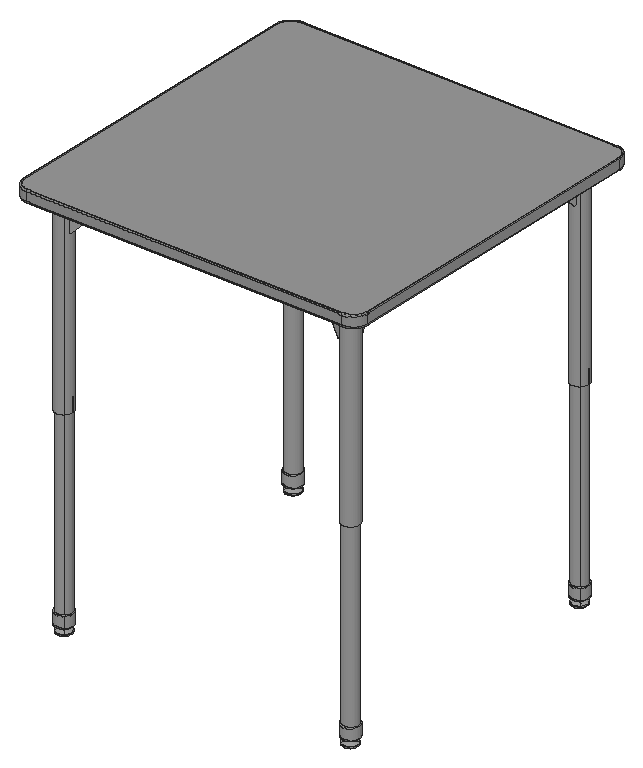
Revit family "Hierarchy Activity 36in Square Table - Standing Height", category Furniture, Revit 2018
Family settings
  Work Plane-Based = No
  Always vertical = Yes
  Cut with Voids When Loaded = No
  Shared = No
  Room Calculation Point = No
Parameters
  Table Height = 3' - 5"
  Surface = Hierarchy Activity 36" Square Table Standing Surface
  Leg Finish = Hierarchy Leg Platinum
  Edgeband = Hierarchy Activity 36" Square Table Standing Edgeband
  Caster/Glide = Hierarchy Standing Leg - Glide : Hierarchy Standing Leg - Glide
Reference planes (in)
  plane 1 "Center (Front/Back)": y = 0
  plane 2: z = 0
  plane 3 "Center (Left/Right)": x = 0
  plane 4: z = 41
Dimensions and locks (in)
  "Table Height": plane 4 to level
  aligned and locked: plane 2 to level
  aligned and locked: nested 1 to plane 4
Nested families (in)
  nested 1: "Activity 36x36 Tabletop" at (0, 0, 17.075), type "Activity 36x36 Tabletop"
  nested 2: "Hierarchy Standing Leg - Glide" at (-15, 15, 0) x (0.7071, 0.7071, 0) z (0, 0, 1), type <- "Caster/Glide", Leg Finish <- "Leg Finish", Leg Height <- "Table Height", type "Hierarchy Standing Leg - Glide"
  nested 3: "Hierarchy Standing Leg - Glide" at (-15, -15, 0) x (0.7071, -0.7071, 0) z (0, 0, 1), type <- "Caster/Glide", Leg Finish <- "Leg Finish", Leg Height <- "Table Height", type "Hierarchy Standing Leg - Glide"
  nested 4: "Hierarchy Standing Leg - Glide" at (15, 15, 0) x (-0.7071, 0.7071, 0) z (0, 0, 1), Leg Finish <- "Leg Finish", Leg Height <- "Table Height", type "Hierarchy Standing Leg - Glide"
    with Leg Height 3' - 5", Leg Finish Hierarchy Leg Platinum
  nested 5: "Hierarchy Standing Leg - Glide" at (15, -15, 0) x (-0.7071, -0.7071, 0) z (0, 0, 1), Leg Finish <- "Leg Finish", Leg Height <- "Table Height", type "Hierarchy Standing Leg - Glide"
    with Leg Height 3' - 5", Leg Finish Hierarchy Leg Platinum
Definition of nested family "Activity 36x36 Tabletop"
  Parameters (values of type "Activity 36x36 Tabletop")
    Surface = none
    Edgeband = none
  Reference planes (in)
    plane 1 "Center (Front/Back)": y = 0
    plane 2: z = 0
    plane 3 "Center (Left/Right)": x = 0
  Forms (in)
    Extrusion 1, solid, material <- "Surface"
      sketch origin (0, 0, 0) x (1, 0, 0) y (0, 1, 0)
        loop
          line (16.5, 17.88189) -> (-16.5, 17.88189)
          arc (-16.5, 17.88189) -> (-17.47714, 17.47714) -> (-17.88189, 16.5) r 1.38189
          line (-17.88189, 16.5) -> (-17.88189, -16.5)
          arc (-17.88189, -16.5) -> (-17.47714, -17.47714) -> (-16.5, -17.88189) r 1.38189
          line (-16.5, -17.88189) -> (16.5, -17.88189)
          arc (16.5, -17.88189) -> (17.47714, -17.47714) -> (17.88189, -16.5) r 1.38189
          line (17.88189, -16.5) -> (17.88189, 16.5)
          arc (17.88189, 16.5) -> (17.47714, 17.47714) -> (16.5, 17.88189) r 1.38189
      from 23.925 to 25.125
    Sweep 2, solid, material <- "Edgeband"
      path origin (0, 0, 0) x (1, 0, 0) y (0, 1, 0)
        loop
          line (16.5, 17.88189) -> (-16.5, 17.88189)
          arc (-16.5, 17.88189) -> (-17.47714, 17.47714) -> (-17.88189, 16.5) r 1.38189
          line (-17.88189, 16.5) -> (-17.88189, -16.5)
          arc (-17.88189, -16.5) -> (-17.47714, -17.47714) -> (-16.5, -17.88189) r 1.38189
          line (-16.5, -17.88189) -> (16.5, -17.88189)
          arc (16.5, -17.88189) -> (17.47714, -17.47714) -> (17.88189, -16.5) r 1.38189
          line (17.88189, -16.5) -> (17.88189, 16.5)
          arc (17.88189, 16.5) -> (17.47714, 17.47714) -> (16.5, 17.88189) r 1.38189
      profile origin (0, 17.88189, 0) x (0, -1, 0) y (0, 0, 1)
        loop
          arc (0, 25.125) -> (-0.08352, 25.09041) -> (-0.11811, 25.00689) r 0.11811
          line (-0.11811, 25.00689) -> (-0.11811, 24.04311)
          arc (-0.11811, 24.04311) -> (-0.08352, 23.95959) -> (0, 23.925) r 0.11811
          line (0, 23.925) -> (0, 25.125)
  Dimensions and locks (in)
    aligned and locked: plane 2 to level
Definition of nested family "Hierarchy Standing Leg - Glide"
  Parameters (values of type "Hierarchy Standing Leg - Glide")
    Leg Finish [instance] = none
    Leg Height [instance] = 3' - 5"
  Reference planes (in)
    plane 1 "Center (Front/Back)": y = 0
    plane 2: z = 0
    plane 3 "Center (Left/Right)": x = 0
  Forms (in)
    Extrusion 1, solid
      sketch origin (-0.01562, 0, 0) x (1, 0, 0) y (0, 1, 0)
        loop
          circle (0.01563, 0) r 0.79147
      from 2 to 23.175
    Revolve 2, solid
      sketch origin (0, 0, 0) x (1, 0, 0) y (0, 0, 1)
        loop
          line (0, 2) -> (0, 0.74937) -> (0.84838, 0.74937)
          arc (0.84838, 0.74937) -> (0.89342, 0.76803) -> (0.91207, 0.81306) r 0.06369
          line (0.91207, 0.81306) -> (0.91207, 1.93631)
          arc (0.91207, 1.93631) -> (0.89342, 1.98134) -> (0.84838, 2) r 0.06369
          line (0.84838, 2) -> (0, 2)
        axis (0, 2) -> (0, 0.74937)
      angle from 0 to 360
    Revolve 3, solid
      sketch origin (0, 0, 0) x (1, 0, 0) y (0, 0, 1)
        loop
          line (0, 0.75) -> (0, 0) -> (0.74583, 0) -> (0.79147, 0.09013) -> (0.79147, 0.16241) -> (0.12474, 0.5) -> (0.12474, 0.75) -> (0, 0.75)
        axis (0, 0.75) -> (0, 0)
      angle from 0 to 360
  Dimensions and locks (in)
    "Leg Height": nested 1 to level
    aligned and locked: plane 2 to level
  Automatic sketch dimensions
    plane 1 "Center (Front/Back)" to Extrusion 1 sketch curve = 0' - 0"
    Extrusion 1 sketch curve to plane 3 "Center (Left/Right)" = 0' - 0"
    Revolve 2 sketch curve to plane 3 "Center (Left/Right)" = 0' - 0"  (x2)
    plane 3 "Center (Left/Right)" to Revolve 2 sketch curve = 0' - 0.84838"
    Revolve 2 sketch curve to Revolve 2 sketch curve = 0' - 0.84838"
    Revolve 2 sketch curve to Revolve 2 sketch curve = 0' - 0.06369"
    level to Revolve 2 sketch curve = 0' - 0.74937"
    Revolve 2 sketch curve to Revolve 2 sketch curve = 0' - 1.12324"
    Revolve 2 sketch curve to Revolve 2 sketch curve = 0' - 0.13731"
    Revolve 2 sketch curve to Revolve 2 sketch curve = 0' - 0 3/4"
    Revolve 3 sketch curve to plane 3 "Center (Left/Right)" = 0' - 0"  (x2)
    Revolve 3 sketch curve to level = 0' - 0"
    plane 3 "Center (Left/Right)" to Revolve 3 sketch curve = 0' - 0.12474"
    plane 3 "Center (Left/Right)" to Revolve 3 sketch curve = 0' - 0.74583"
    Revolve 3 sketch curve to Revolve 3 sketch curve = 0' - 0.04564"
    level to Revolve 3 sketch curve = 0' - 0.09013"
    Revolve 3 sketch curve to Revolve 3 sketch curve = 0' - 0.07228"
    level to Revolve 3 sketch curve = 0' - 0 1/2"
    Revolve 3 sketch curve to Revolve 3 sketch curve = 0' - 0 1/4"
    Revolve 3 sketch curve to level = 0' - 0 1/8"
    Revolve 3 sketch curve to Revolve 3 sketch curve = 0' - 0 1/8"
    radius of Extrusion 1 sketch curve = 0' - 0.79147"
  Nested families (in)
    nested 1: "Hierarchy Standing Upper Leg 2023" at (0, 0, 0.19983), Leg Finish <- "Leg Finish", type "Hierarchy Standing Upper Leg 2023"
      with Leg Finish none
  Definition of nested family "Hierarchy Standing Upper Leg 2023"
    Parameters (values of type "Hierarchy Standing Upper Leg 2023")
      Leg Finish [instance] = none
    Reference planes (in)
      plane 1 "Center (Front/Back)": y = 0
      plane 2: z = 0
      plane 3 "Center (Left/Right)": x = 0
    Forms (in)
      Extrusion 1, solid, material <- "Leg Finish"
        sketch origin (0, 0, 0) x (1, 0, 0) y (0, 1, 0)
          loop
            circle (0, 0) r 0.9129
        from 20.67418 to 40.67418
      Extrusion 2, solid, material <- "Leg Finish"
        sketch origin (0, 0, 12.998) x (1, 0, 0) y (0, 1, 0)
          loop
            line (-1.70174, 0.19183) -> (-3.96611, -4.49738)
            arc (-3.96611, -4.49738) -> (-3.91977, -5.33444) -> (-3.18615, -5.74016) r 0.86614
            line (-3.18615, -5.74016) -> (3.18615, -5.74016)
            arc (3.18615, -5.74016) -> (3.91977, -5.33444) -> (3.96611, -4.49738) r 0.86614
            line (3.96611, -4.49738) -> (1.70174, 0.19183)
            arc (1.70174, 0.19183) -> (0, 1.25984) -> (-1.70174, 0.19183) r 1.88976
        from 27.67618 to 27.80217
      Extrusion 3, solid, material <- "Leg Finish"
        sketch origin (12.41967, 1.58692, 0) x (0.434844, 0.900506, 0) y (0, 0, 1)
          loop
            arc (-12.68776, 40.67418) -> (-12.80559, 40.56418) -> (-12.70394, 40.43908) r 0.11811
            arc (-12.70394, 40.43908) -> (-9.98192, 39.53509) -> (-7.76426, 37.71614) r 7.87402
            arc (-7.76426, 37.71614) -> (-7.63344, 37.68136) -> (-7.55587, 37.79229) r 0.11811
            line (-7.55587, 37.79229) -> (-7.55587, 40.67418) -> (-12.68776, 40.67418)
        from -11.10976 to -10.98378
      Extrusion 4, solid, material <- "Leg Finish"
        sketch origin (-12.41967, 1.58692, 0) x (-0.434844, 0.900506, 0) y (0, 0, -1)
          loop
            line (-12.68776, -40.67418) -> (-7.55587, -40.67418) -> (-7.55587, -37.79229)
            arc (-7.55587, -37.79229) -> (-7.63344, -37.68136) -> (-7.76426, -37.71614) r 0.11811
            arc (-7.76426, -37.71614) -> (-9.98192, -39.53509) -> (-12.70394, -40.43908) r 7.87402
            arc (-12.70394, -40.43908) -> (-12.80559, -40.56418) -> (-12.68776, -40.67418) r 0.11811
        from -11.10976 to -10.98378
    Dimensions and locks (in)
      aligned and locked: plane 2 to level
